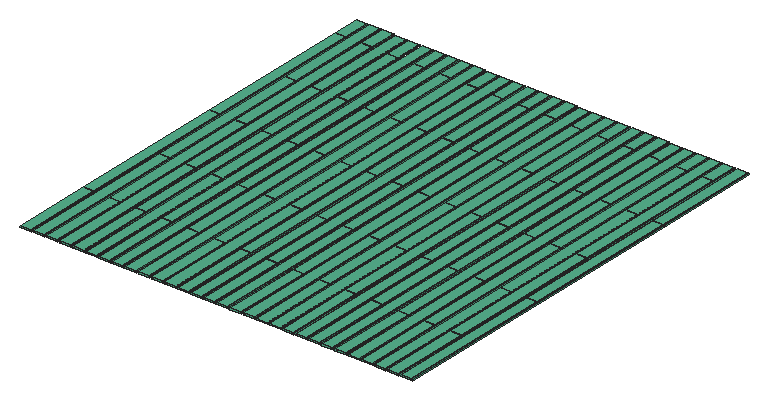
Revit family "2316-2, Solid", category Generic Models, host Ceiling, Revit 2020
Family settings
  Host = Ceiling
  Can host rebar = No
  Round Connector Dimension = Use Diameter
  Part Type = Normal
  Always vertical = Yes
  Cut with Voids When Loaded = No
  Shared = No
  Room Calculation Point = No
Parameters
  OC SPACING [instance] = .. MEMBER WIDTH + 0' 0 3/4"  # 0' - 6"
  PROJECT WIDTH [instance] = 15' - 0"
  PROJECT LENGTH [instance] = 16' - 0"
  PANELS COUNT 2 [instance] = rounddown((PROJECT LENGTH - .. MEMBER LENGTH 3) / .. MEMBER LENGTH 2)  # 2
  PANELS COUNT [instance] = rounddown(PROJECT LENGTH / .. MEMBER LENGTH 2)  # 2
  MEMBER WIDTH COUNT 2 [instance] = (PROJECT WIDTH / OC SPACING) / 2  # 15
  .. MEMBER WIDTH COUNT [instance] = (PROJECT WIDTH / OC SPACING) / 2  # 15
  .. MEMBER MATERIAL [instance] = 9WOOD WESTERN HEMLOCK
  .. MEMBER LENGTH 4 [instance] = ((PROJECT LENGTH - .. MEMBER LENGTH 3) - (PANELS COUNT 2 * .. MEMBER LENGTH 2))  # 1' - 0"
  .. MEMBER LENGTH 3 [instance] = .. MEMBER LENGTH 2 / 2  # 3' - 0"
  INDENT [instance] = 0' - 0 5/8"
  Default Elevation = 0' - 0"
  .. MEMBER WIDTH [instance] = 0' - 5 1/4"  # constant formula
  .. MEMBER LENGTH 2 [instance] = 6' - 0"
  .. MEMBER LENGTH [instance] = PROJECT LENGTH - (PANELS COUNT * .. MEMBER LENGTH 2)  # 4' - 0"
  .. MEMBER DEPTH [instance] = 0' - 0 5/8"
Reference planes (in)
  plane 1 "Center (Front/Back)": y = 0
  plane 2 "Ceiling": z = 96
  plane 3 "Center (Left/Right)": x = 0
  plane 4: y = 72
  plane 5: y = 144
  plane 6: y = 108
  plane 7: y = 36
  plane 8: y = 192
  plane 9: y = 144
  plane 10: y = 180
  plane 11: x = 180
  plane 12: x = 6
Dimensions and locks (in)
  equal spacing: host sketch curve, plane 3 "Center (Left/Right)", host sketch curve
  equal spacing: host sketch curve, plane 1 "Center (Front/Back)", host sketch curve
  host sketch curve to host sketch curve = 10' - 0"  (x2)
  group 1 to group 2 = 0' - 0"  (x2)
  group 1 to group 2 = 6' - 0"
  ".. MEMBER LENGTH 2": plane 5 to plane 4
  ".. MEMBER LENGTH 2": plane 6 to plane 7
  "PROJECT LENGTH": plane 1 "Center (Front/Back)" to plane 8
  group 3 to group 4 = 0' - 0"  (x2)
  group 3 to group 4 = 6' - 0"
  ".. MEMBER LENGTH 3": plane 1 "Center (Front/Back)" to plane 7
  ".. MEMBER LENGTH 2": plane 1 "Center (Front/Back)" to plane 4
  ".. MEMBER LENGTH": plane 8 to plane 9
  ".. MEMBER LENGTH 4": plane 8 to plane 10
  "PROJECT WIDTH": plane 3 "Center (Left/Right)" to plane 11
  "OC SPACING": plane 3 "Center (Left/Right)" to plane 12
  aligned and locked: plane 1 "Center (Front/Back)" to nested 1
  aligned and locked: nested 2 to plane 4
  aligned and locked: nested 4 to plane 4
  aligned and locked: plane 7 to nested 3
  aligned and locked: plane 6 to nested 3
  aligned and locked: nested 6 to plane 6
  aligned and locked: nested 5 to plane 9
  aligned and locked: nested 7 to plane 10
  aligned and locked: plane 12 to nested 2
  aligned and locked: plane 12 to nested 4
  aligned and locked: plane 12 to nested 5
Nested families (in)
  nested 1: "(COPY 1) 2300 STAGGERED" at (0, 0, 85.44644), .. MEMBER DEPTH <- ".. MEMBER DEPTH", .. MEMBER WIDTH <- ".. MEMBER WIDTH", INDENT <- "INDENT", MEMBER LENGTH <- ".. MEMBER LENGTH 3", REVEAL <- "OC SPACING", MEMBER 1 COUNT <- ".. MEMBER WIDTH COUNT", .. MEMBER MATERIAL <- ".. MEMBER MATERIAL", type "(COPY 1) 2300 STAGGERED"
    with REVEAL X2 1' - 0", REVEAL 0' - 6", MEMBER LENGTH 2 1' - 6", MEMBER LENGTH 3' - 0", MEMBER COUNT 2 5, MEMBER 1 COUNT 15, INDENT 0' - 0 5/8", .. MEMBER WIDTH 0' - 5 1/4", .. MEMBER MATERIAL 9WOOD WESTERN HEMLOCK, .. MEMBER DEPTH 0' - 0 5/8"
  nested 2: "(COPY 1) 2300 STAGGERED" at (6, 0, 85.44644), .. MEMBER DEPTH <- ".. MEMBER DEPTH", .. MEMBER WIDTH <- ".. MEMBER WIDTH", INDENT <- "INDENT", MEMBER LENGTH <- ".. MEMBER LENGTH 2", MEMBER 1 COUNT <- "MEMBER WIDTH COUNT 2", REVEAL <- "OC SPACING", .. MEMBER MATERIAL <- ".. MEMBER MATERIAL", type "(COPY 1) 2300 STAGGERED"
    with REVEAL X2 1' - 0", REVEAL 0' - 6", MEMBER LENGTH 2 3' - 0", MEMBER LENGTH 6' - 0", MEMBER COUNT 2 5, MEMBER 1 COUNT 15, INDENT 0' - 0 5/8", .. MEMBER WIDTH 0' - 5 1/4", .. MEMBER MATERIAL 9WOOD WESTERN HEMLOCK, .. MEMBER DEPTH 0' - 0 5/8"
  nested 3: "(COPY 1) 2300 STAGGERED" at (0, 36, 85.44644), .. MEMBER DEPTH <- ".. MEMBER DEPTH", .. MEMBER WIDTH <- ".. MEMBER WIDTH", INDENT <- "INDENT", MEMBER LENGTH <- ".. MEMBER LENGTH 2", MEMBER 1 COUNT <- ".. MEMBER WIDTH COUNT", REVEAL <- "OC SPACING", .. MEMBER MATERIAL <- ".. MEMBER MATERIAL", type "(COPY 1) 2300 STAGGERED"
    with REVEAL X2 1' - 0", REVEAL 0' - 6", MEMBER LENGTH 2 3' - 0", MEMBER LENGTH 6' - 0", MEMBER COUNT 2 5, MEMBER 1 COUNT 15, INDENT 0' - 0 5/8", .. MEMBER WIDTH 0' - 5 1/4", .. MEMBER MATERIAL 9WOOD WESTERN HEMLOCK, .. MEMBER DEPTH 0' - 0 5/8"
  nested 4: "(COPY 1) 2300 STAGGERED" at (6, 72, 85.44644), .. MEMBER DEPTH <- ".. MEMBER DEPTH", .. MEMBER WIDTH <- ".. MEMBER WIDTH", INDENT <- "INDENT", MEMBER LENGTH <- ".. MEMBER LENGTH 2", MEMBER 1 COUNT <- "MEMBER WIDTH COUNT 2", REVEAL <- "OC SPACING", .. MEMBER MATERIAL <- ".. MEMBER MATERIAL", type "(COPY 1) 2300 STAGGERED"
    with REVEAL X2 1' - 0", REVEAL 0' - 6", MEMBER LENGTH 2 3' - 0", MEMBER LENGTH 6' - 0", MEMBER COUNT 2 5, MEMBER 1 COUNT 15, INDENT 0' - 0 5/8", .. MEMBER WIDTH 0' - 5 1/4", .. MEMBER MATERIAL 9WOOD WESTERN HEMLOCK, .. MEMBER DEPTH 0' - 0 5/8"
  nested 5: "(COPY 1) 2300 STAGGERED" at (6, 144, 85.44644), .. MEMBER DEPTH <- ".. MEMBER DEPTH", .. MEMBER WIDTH <- ".. MEMBER WIDTH", INDENT <- "INDENT", MEMBER LENGTH <- ".. MEMBER LENGTH", REVEAL <- "OC SPACING", MEMBER 1 COUNT <- "MEMBER WIDTH COUNT 2", .. MEMBER MATERIAL <- ".. MEMBER MATERIAL", type "(COPY 1) 2300 STAGGERED"
    with REVEAL X2 1' - 0", REVEAL 0' - 6", MEMBER LENGTH 2 2' - 0", MEMBER LENGTH 4' - 0", MEMBER COUNT 2 5, MEMBER 1 COUNT 15, INDENT 0' - 0 5/8", .. MEMBER WIDTH 0' - 5 1/4", .. MEMBER MATERIAL 9WOOD WESTERN HEMLOCK, .. MEMBER DEPTH 0' - 0 5/8"
  nested 6: "(COPY 1) 2300 STAGGERED" at (0, 108, 85.44644), .. MEMBER DEPTH <- ".. MEMBER DEPTH", .. MEMBER WIDTH <- ".. MEMBER WIDTH", INDENT <- "INDENT", MEMBER LENGTH <- ".. MEMBER LENGTH 2", MEMBER 1 COUNT <- ".. MEMBER WIDTH COUNT", REVEAL <- "OC SPACING", .. MEMBER MATERIAL <- ".. MEMBER MATERIAL", type "(COPY 1) 2300 STAGGERED"
    with REVEAL X2 1' - 0", REVEAL 0' - 6", MEMBER LENGTH 2 3' - 0", MEMBER LENGTH 6' - 0", MEMBER COUNT 2 5, MEMBER 1 COUNT 15, INDENT 0' - 0 5/8", .. MEMBER WIDTH 0' - 5 1/4", .. MEMBER MATERIAL 9WOOD WESTERN HEMLOCK, .. MEMBER DEPTH 0' - 0 5/8"
  nested 7: "(COPY 1) 2300 STAGGERED" at (0, 180, 85.44644), .. MEMBER DEPTH <- ".. MEMBER DEPTH", .. MEMBER WIDTH <- ".. MEMBER WIDTH", INDENT <- "INDENT", MEMBER LENGTH <- ".. MEMBER LENGTH 4", REVEAL <- "OC SPACING", MEMBER 1 COUNT <- ".. MEMBER WIDTH COUNT", .. MEMBER MATERIAL <- ".. MEMBER MATERIAL", type "(COPY 1) 2300 STAGGERED"
    with REVEAL X2 1' - 0", REVEAL 0' - 6", MEMBER LENGTH 2 0' - 6", MEMBER LENGTH 1' - 0", MEMBER COUNT 2 3, MEMBER 1 COUNT 15, INDENT 0' - 0 5/8", .. MEMBER WIDTH 0' - 5 1/4", .. MEMBER MATERIAL 9WOOD WESTERN HEMLOCK, .. MEMBER DEPTH 0' - 0 5/8"
Definition of nested family "(COPY 1) 2300 STAGGERED"
  Parameters (values of type "(COPY 1) 2300 STAGGERED")
    REVEAL X2 [instance] = REVEAL * 2  # 0' - 8"
    REVEAL [instance] = 0' - 4"
    MEMBER LENGTH 2 [instance] = MEMBER LENGTH / 2  # 3' - 0"
    MEMBER LENGTH [instance] = 6' - 0"
    MEMBER COUNT 2 [instance] = 5
    MEMBER 1 COUNT [instance] = 5
    INDENT [instance] = 0' - 0 5/8"
    Default Elevation = 0' - 0"
    .. MEMBER WIDTH [instance] = 0' - 3 1/4"
    .. MEMBER MATERIAL [instance] = none
    .. MEMBER DEPTH [instance] = 0' - 0 3/4"
  Reference planes (in)
    plane 1 "Center (Front/Back)": y = 0
    plane 2: z = 0
    plane 3 "Center (Left/Right)": x = 0
    plane 4: x = 8
    plane 5: x = 4
    plane 6: x = 12
  Dimensions and locks (in)
    equal spacing: group 1, group 2, group 3, group 4, group 5  (x3)
    "REVEAL X2": plane 3 "Center (Left/Right)" to plane 4
    "REVEAL": plane 3 "Center (Left/Right)" to plane 5
    "REVEAL X2": plane 5 to plane 6
    aligned and locked: plane 2 to level
    aligned and locked: plane 4 to nested 2
    aligned and locked: plane 1 "Center (Front/Back)" to nested 1
    aligned and locked: plane 1 "Center (Front/Back)" to nested 2
    aligned and locked: nested 2 to plane 4
  Nested families (in)
    nested 1: "2300 DEV" at (0, 0, 0), MEMBER LENGTH <- "MEMBER LENGTH", MEMBER MATERIAL <- ".. MEMBER MATERIAL", MEMBER WIDTH <- ".. MEMBER WIDTH", MEMBER DEPTH <- ".. MEMBER DEPTH", INDENT <- "INDENT", type "2300 DEV"
      with MEMBER WIDTH 0' - 3 1/4", MEMBER MATERIAL none, MEMBER LENGTH 6' - 0", MEMBER DEPTH 0' - 0 3/4", INDENT 0' - 0 5/8"
    nested 2: "2300 DEV" at (8, 0, 0), MEMBER LENGTH <- "MEMBER LENGTH", MEMBER MATERIAL <- ".. MEMBER MATERIAL", MEMBER WIDTH <- ".. MEMBER WIDTH", MEMBER DEPTH <- ".. MEMBER DEPTH", INDENT <- "INDENT", type "2300 DEV"
      with MEMBER WIDTH 0' - 3 1/4", MEMBER MATERIAL none, MEMBER LENGTH 6' - 0", MEMBER DEPTH 0' - 0 3/4", INDENT 0' - 0 5/8"
    nested 3: "2300 DEV" at (16, 0, 0), MEMBER LENGTH <- "MEMBER LENGTH", MEMBER MATERIAL <- ".. MEMBER MATERIAL", MEMBER WIDTH <- ".. MEMBER WIDTH", MEMBER DEPTH <- ".. MEMBER DEPTH", INDENT <- "INDENT", type "2300 DEV"
      with MEMBER WIDTH 0' - 3 1/4", MEMBER MATERIAL none, MEMBER LENGTH 6' - 0", MEMBER DEPTH 0' - 0 3/4", INDENT 0' - 0 5/8"
    nested 4: "2300 DEV" at (24, 0, 0), MEMBER LENGTH <- "MEMBER LENGTH", MEMBER MATERIAL <- ".. MEMBER MATERIAL", MEMBER WIDTH <- ".. MEMBER WIDTH", MEMBER DEPTH <- ".. MEMBER DEPTH", INDENT <- "INDENT", type "2300 DEV"
      with MEMBER WIDTH 0' - 3 1/4", MEMBER MATERIAL none, MEMBER LENGTH 6' - 0", MEMBER DEPTH 0' - 0 3/4", INDENT 0' - 0 5/8"
    nested 5: "2300 DEV" at (32, 0, 0), MEMBER LENGTH <- "MEMBER LENGTH", MEMBER MATERIAL <- ".. MEMBER MATERIAL", MEMBER WIDTH <- ".. MEMBER WIDTH", MEMBER DEPTH <- ".. MEMBER DEPTH", INDENT <- "INDENT", type "2300 DEV"
      with MEMBER WIDTH 0' - 3 1/4", MEMBER MATERIAL none, MEMBER LENGTH 6' - 0", MEMBER DEPTH 0' - 0 3/4", INDENT 0' - 0 5/8"
  Definition of nested family "2300 DEV"
    Parameters (values of type "2300 DEV")
      MEMBER WIDTH [instance] = 0' - 2 1/4"
      MEMBER MATERIAL [instance] = none
      MEMBER LENGTH [instance] = 2' - 6"
      MEMBER DEPTH [instance] = 0' - 0 5/8"
      INDENT [instance] = 0' - 0 5/8"
      Default Elevation = 0' - 0"
    Reference planes (in)
      plane 1 "Center (Front/Back)": y = 0
      plane 2: z = 10.55356
      plane 3 "Center (Left/Right)": x = 0
      plane 4: x = 2.25
      plane 5: x = 1.625
      plane 6: x = 0.625
      plane 7: z = 9.92856
      plane 8: x = 0.25
      plane 9: x = 2
      plane 10: y = 30
    Forms (in)
      Extrusion 1, void, not visible
        sketch origin (-0.375, 0, 0) x (1, 0, 0) y (0, 0, 1)
          loop
            line (4.125, 11.30356) -> (4.125, 11.17856) -> (4.0625, 11.11606) -> (3.75, 11.11606) -> (3.75, 10.92856) -> (4.25, 10.92856) -> (4.65478, 10.92856) -> (4.65478, 11.30356) -> (4.25, 11.30356) -> (4.125, 11.30356)
        from 0 to 30
      Extrusion 2, void, not visible
        sketch origin (4.5, 0, 0) x (-1, 0, 0) y (0, 0, 1)
          loop
            line (4.5, 11.30356) -> (4.25, 11.30356) -> (4.25, 11.17856) -> (4.1875, 11.11606) -> (3.875, 11.11606) -> (3.875, 10.92856) -> (4.78125, 10.92856) -> (4.78125, 11.30356) -> (4.5, 11.30356)
        from 0 to 30
      Extrusion 3, solid, material <- "MEMBER MATERIAL"
        sketch origin (0, 0, -0.75) x (1, 0, 0) y (0, 0, 1)
          loop
            line (0, 11.30356) -> (0, 10.67856) -> (2.25, 10.67856) -> (2.25, 11.30356) -> (0, 11.30356)
        from 0 to -30
      Extrusion 4, void
        sketch origin (0, 0, 0) x (1, 0, 0) y (0, 0, 1)
          loop
            line (2.53125, 10.55356) -> (2, 10.55356) -> (2, 10.42856) -> (1.9375, 10.36606) -> (1.625, 10.36606) -> (1.625, 10.17856) -> (2.53125, 10.17856) -> (2.53125, 10.55356)
        from 0 to -30
      Extrusion 5, void, not visible
        sketch origin (0, 0, 0) x (1, 0, 0) y (0, 0, 1)
          loop
            line (2.53125, 10.55356) -> (2, 10.55356) -> (2, 10.42856) -> (1.9375, 10.36606) -> (1.625, 10.36606) -> (1.625, 10.17856) -> (2.53125, 10.17856) -> (2.53125, 10.55356)
        from 0 to 12
      Extrusion 6, void
        sketch origin (0, 0, 0) x (1, 0, 0) y (0, 0, 1)
          loop
            line (-0.28125, 10.55356) -> (-0.28125, 10.17856) -> (0.625, 10.17856) -> (0.625, 10.36606) -> (0.3125, 10.36606) -> (0.25, 10.42856) -> (0.25, 10.55356) -> (-0.28125, 10.55356)
        from 0 to -30
    Cuts and joins
      Extrusion 4, Extrusion 6 cuts Extrusion 3
    Lines and regions (in)
      model lines, not visible
        curve 1: line (9.45582, 0, 10.55356) -> (14.70582, 0, 10.55356)
        curve 2: line (14.70582, 0, 10.55356) -> (14.70582, 0, 10.92856)
        curve 3: line (14.70582, 0, 10.92856) -> (14.20582, 0, 10.92856)
        curve 4: line (14.20582, 0, 10.92856) -> (14.20582, 0, 11.11606)
        curve 5: line (14.20582, 0, 11.11606) -> (14.51832, 0, 11.11606)
        curve 6: line (14.58082, 0, 11.30356) -> (14.58082, 0, 11.17856)
        curve 7: line (14.58082, 0, 11.17856) -> (14.51832, 0, 11.11606)
        curve 8: line (14.58082, 0, 11.30356) -> (9.58082, 0, 11.30356)
        curve 9: line (9.45582, 0, 10.55356) -> (9.45582, 0, 10.92856)
        curve 10: line (9.45582, 0, 10.92856) -> (9.95582, 0, 10.92856)
        curve 11: line (9.95582, 0, 10.92856) -> (9.95582, 0, 11.11606)
        curve 12: line (9.95582, 0, 11.11606) -> (9.64332, 0, 11.11606)
        curve 13: line (9.58082, 0, 11.30356) -> (9.58082, 0, 11.17856)
        curve 14: line (9.58082, 0, 11.17856) -> (9.64332, 0, 11.11606)
        curve 15: line (5.25, 0, 10.55356) -> (5.25, 0, 10.92856)
        curve 16: line (5.25, 0, 10.92856) -> (4.75, 0, 10.92856)
        curve 17: line (4.75, 0, 10.92856) -> (4.75, 0, 11.11606)
        curve 18: line (4.75, 0, 11.11606) -> (5.0625, 0, 11.11606)
        curve 19: line (5.125, 0, 11.30356) -> (5.125, 0, 11.17856)
        curve 20: line (5.125, 0, 11.17856) -> (5.0625, 0, 11.11606)
    Dimensions and locks (in)
      "MEMBER WIDTH": plane 3 "Center (Left/Right)" to plane 4
      "INDENT": plane 4 to plane 5
      "INDENT": plane 6 to plane 3 "Center (Left/Right)"
      "MEMBER DEPTH": plane 7 to level
      locked: plane 5 to plane 9 at 0.375
      locked: plane 8 to plane 6 at 0.375
      "MEMBER LENGTH": plane 1 "Center (Front/Back)" to plane 10
      aligned and locked: plane 2 to level
      aligned and locked: Extrusion 3 sketch curve to plane 4
      aligned and locked: plane 7 to Extrusion 3
      aligned and locked: level to Extrusion 3
      aligned and locked: Extrusion 3 to plane 1 "Center (Front/Back)"
      aligned and locked: cut or joined group of Extrusion 3, Extrusion 4, Extrusion 6 to plane 5
      aligned and locked: plane 6 to cut or joined group of Extrusion 3, Extrusion 4, Extrusion 6
      aligned and locked: plane 1 "Center (Front/Back)" to cut or joined group of Extrusion 3, Extrusion 4, Extrusion 6
      aligned and locked: plane 9 to cut or joined group of Extrusion 3, Extrusion 4, Extrusion 6
      aligned and locked: plane 8 to cut or joined group of Extrusion 3, Extrusion 4, Extrusion 6
      aligned and locked: plane 10 to cut or joined group of Extrusion 3, Extrusion 4, Extrusion 6
      aligned and locked: plane 10 to Extrusion 4
      aligned and locked: plane 10 to Extrusion 6
    Automatic sketch dimensions
      Extrusion 1 sketch curve to Extrusion 1 sketch curve = 0' - 0 1/16"  (x2)
      Extrusion 1 sketch curve to Extrusion 1 sketch curve = 0' - 0.40478"
      Extrusion 1 sketch curve to Extrusion 1 sketch curve = 0' - 0 3/16"  (x2)
      Extrusion 1 sketch curve to Extrusion 1 sketch curve = 0' - 0 1/8"  (x2)
      Extrusion 1 sketch curve to Extrusion 1 sketch curve = 0' - 0 5/16"
      Extrusion 2 sketch curve to Extrusion 2 sketch curve = 0' - 0 3/16"  (x2)
      Extrusion 2 sketch curve to Extrusion 2 sketch curve = 0' - 0 1/16"  (x2)
      Extrusion 2 sketch curve to Extrusion 2 sketch curve = 0' - 0 9/32"
      Extrusion 2 sketch curve to Extrusion 2 sketch curve = 0' - 0 1/4"
      Extrusion 2 sketch curve to Extrusion 2 sketch curve = 0' - 0 5/16"
      Extrusion 4 sketch curve to Extrusion 4 sketch curve = 0' - 0 5/16"
      Extrusion 4 sketch curve to Extrusion 4 sketch curve = 0' - 0 1/16"  (x2)
      Extrusion 4 sketch curve to Extrusion 4 sketch curve = 0' - 0 3/16"
      Extrusion 4 sketch curve to Extrusion 4 sketch curve = 0' - 0 17/32"
      Extrusion 4 sketch curve to Extrusion 4 sketch curve = 0' - 0 3/8"
      Extrusion 5 sketch curve to Extrusion 5 sketch curve = 0' - 0 5/16"
      Extrusion 5 sketch curve to Extrusion 5 sketch curve = 0' - 0 1/16"  (x2)
      Extrusion 5 sketch curve to Extrusion 5 sketch curve = 0' - 0 3/16"
      Extrusion 5 sketch curve to Extrusion 5 sketch curve = 0' - 0 17/32"
      Extrusion 5 sketch curve to Extrusion 5 sketch curve = 0' - 0 3/8"
      Extrusion 6 sketch curve to Extrusion 6 sketch curve = 0' - 0 5/16"
      Extrusion 6 sketch curve to Extrusion 6 sketch curve = 0' - 0 1/16"  (x2)
      Extrusion 6 sketch curve to Extrusion 6 sketch curve = 0' - 0 3/16"
      Extrusion 6 sketch curve to Extrusion 6 sketch curve = 0' - 0 17/32"
      Extrusion 6 sketch curve to Extrusion 6 sketch curve = 0' - 0 3/8"
      Extrusion 3 sketch curve to plane 3 "Center (Left/Right)" = 0' - 0"
      Extrusion 3 sketch curve to plane 7 = 0' - 0"
      Extrusion 3 sketch curve to level = 0' - 0"
      Extrusion 4 sketch curve to plane 5 = 0' - 0"
      Extrusion 4 sketch curve to level = 0' - 0"
      Extrusion 6 sketch curve to level = 0' - 0"
      Extrusion 6 sketch curve to plane 6 = 0' - 0"
